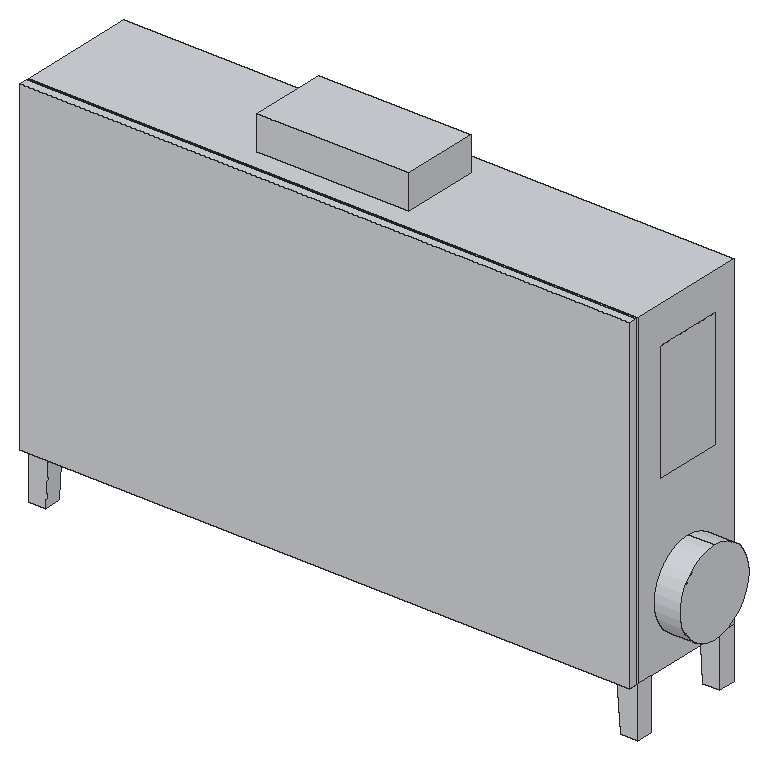
Revit family "AHU 1 _1", category Mechanické zařízení, Revit 2018
Family settings
  Kóta kulaté spojky = Použít průměr
  Typ dílu = Normální
  Číslo OmniClass = 23.75.00.00
  Nadpis OmniClass = Climate Control (HVAC)
  Založené na pracovní rovině = Ne
  Vždy vertikální = Ano
  Ořezat dutým tvarem při načtení = Ne
  Sdílené = Ne
  Bod výpočtu místnosti = Ne
Parameters (values of type "DUPLEXVENT 1000 Multi")
  Width [instance] = 0.384 mm
  Weight [instance] = 114.00 kg
  URL = ""
  Type [instance] = "DUPLEXVENT 1000 Multi"
  Total_SFP [instance] = 0
  Supply_outlet_hum [instance] = 90
  Supply_inlet_hum [instance] = 90
  Supply_ext_pressure [instance] = 0.0 Pa
  Supply_SFP [instance] = 0
  Source_adu_file [instance] = ""
  Recuperation_type [instance] = "Plate heat recovery exchanger"
  Recuperation_efficiency_EN308 [instance] = 0
  Project_name [instance] = ""
  Project_date [instance] = "9.8.2023"
  Power_supply_fusing [instance] = "0"
  Power_supply_cable [instance] = "0"
  Position [instance] = "AHU 1 "
  Phases_count [instance] = 1
  Panel_thickness [instance] = 0.06 mm
  Outer_surface [instance] = "RAL 9002"
  Length [instance] = 1.8 mm
  Insulation_type [instance] = "PUR"
  Insulation_thickness [instance] = 0.05 mm
  Installation_environment [instance] = ""
  Input_power_max [instance] = 770 W
  Inner_surface [instance] = "Pozink"
  I2 [instance] = I1  # 0.0 L/s
  Height [instance] = 0.97 mm
  Exhaust_outlet_hum [instance] = 40
  Exhaust_inlet_hum [instance] = 40
  Exhaust_ext_pressure [instance] = 0.0 Pa
  Exhaust_SFP [instance] = 0
  E1 [instance] = E2 - M1  # 0.0 L/s
  E2 [instance] = 0.0 L/s
  I1 [instance] = 0.0 L/s
  Description = ""
  M1 [instance] = 0.0 L/s
  Device_dutypoint_version [instance] = "0"
  Device_design_version [instance] = "9"
  Device_adu_id [instance] = "1"
  Current_max [instance] = 5 A
  Casing_mat [instance] = "painted zinc layer"
  Cable type [instance] = "CYKY 3Jx2,5"
Reference planes
  plane 1 "Střed (vpředu/vzadu)": y = 0
  plane 2 "ref": z = 0
  plane 3 "Střed (vlevo/vpravo)": x = 0
Forms (mm)
  Sweep 1, solid
    path origin (0, 0, 0) x (0, 0, 1) y (1, 0, 0)
      loop
        line (0, 0) -> (970, 0)
    profile origin (0, 0, 0) x (1, 0, 0) y (0, 1, 0)
      loop
        line (0, 0) -> (1800, 0) -> (1800, 354) -> (0, 354) -> (0, 0)
  Sweep 2, solid
    path origin (0, 0, 0) x (0, 0, 1) y (1, 0, 0)
      loop
        line (0, 0) -> (970, 0)
    profile origin (0, 0, 0) x (1, 0, 0) y (0, 1, 0)
      loop
        line (0, 0) -> (0, -30) -> (1800, -30) -> (1800, 0) -> (0, 0)
  Sweep 3, solid
    path origin (0, 184, 190) x (0, 0, -1) y (1, 0, 0)
      loop
        line (0, 0) -> (0, -60)
    profile origin (0, 184, 190) x (0, 0, -1) y (0, -1, 0)
      loop
        circle (0, 0) r 125
  Sweep 4, solid
    path origin (1799, 184, 684) x (1, 0, 0) y (0, 1, 0)
      loop
        line (0, 0) -> (1, 0)
    profile origin (1799, 184, 684) x (0, 1, 0) y (0, 0, 1)
      loop
        line (-100, 175) -> (-100, -175) -> (100, -175) -> (100, 175) -> (-100, 175)
  Sweep 5, solid
    path origin (1800, 184, 190) x (0, 0, -1) y (1, 0, 0)
      loop
        line (0, 0) -> (0, 80)
    profile origin (1800, 184, 190) x (0, 0, 1) y (0, -1, 0)
      loop
        circle (0, 0) r 125
  Sweep 6, solid
    path origin (1, 184, 664) x (0, 1, 0) y (-1, 0, 0)
      loop
        line (0, 0) -> (0, 1)
    profile origin (1, 184, 664) x (0, -1, 0) y (0, 0, 1)
      loop
        line (-100, -175) -> (100, -175) -> (100, 175) -> (-100, 175) -> (-100, -175)
  Sweep 7, solid
    path origin (537, 308, 0) x (0, -1, 0) y (0, 0, 1)
      loop
        line (0, 0) -> (0, -50)
    profile origin (537, 308, 0) x (-1, 0, 0) y (0, -1, 0)
      loop
        circle (0, 0) r 16
  Sweep 8, solid
    path origin (0, 0, 0) x (0, 0, 1) y (1, 0, 0)
      loop
        line (0, 0) -> (970, 0)
    profile origin (0, 0, 0) x (1, 0, 0) y (0, 1, 0)
      loop
        line (0, -30) -> (1800, -30) -> (1800, -5) -> (0, -5) -> (0, -30)
  Sweep 9, solid
    path origin (25, 50, 0) x (1, 0, 0) y (0, 1, 0)
      loop
        line (0, 0) -> (0, -50)
    profile origin (25, 50, 0) x (1, 0, 0) y (0, 0, 1)
      loop
        line (-25, 0) -> (-25, -150) -> (25, -150) -> (35, 0) -> (-25, 0)
  Sweep 10, solid
    path origin (1775, 50, 0) x (1, 0, 0) y (0, 1, 0)
      loop
        line (0, 0) -> (0, -50)
    profile origin (1775, 50, 0) x (1, 0, 0) y (0, 0, 1)
      loop
        line (-35, 0) -> (-25, -150) -> (25, -150) -> (25, 0) -> (-35, 0)
  Sweep 11, solid
    path origin (25, 354, 0) x (1, 0, 0) y (0, 1, 0)
      loop
        line (0, 0) -> (0, -50)
    profile origin (25, 354, 0) x (1, 0, 0) y (0, 0, 1)
      loop
        line (-25, 0) -> (-25, -150) -> (25, -150) -> (35, 0) -> (-25, 0)
  Sweep 12, solid
    path origin (1775, 354, 0) x (1, 0, 0) y (0, 1, 0)
      loop
        line (0, 0) -> (0, -50)
    profile origin (1775, 354, 0) x (1, 0, 0) y (0, 0, 1)
      loop
        line (-35, 0) -> (-25, -150) -> (25, -150) -> (25, 0) -> (-35, 0)
  Sweep 13, solid
    path origin (0, 0, 970) x (0, 0, 1) y (1, 0, 0)
      loop
        line (0, 0) -> (100, 0)
    profile origin (0, 0, 970) x (1, 0, 0) y (0, 1, 0)
      loop
        line (625, 62) -> (1075, 62) -> (1075, 292) -> (625, 292) -> (625, 62)
  Sweep 14, solid
    path origin (625, 177, 1020) x (0, 0, -1) y (1, 0, 0)
      loop
        line (0, 0) -> (0, -1)
    profile origin (625, 177, 1020) x (0, 0, -1) y (0, -1, 0)
      loop
        circle (0, 0) r 10
Lines and regions (mm)
  model lines, style "Symbol"
    curve 1: line (738, -30, 0) -> (738, -30, 194)
    curve 2: line (738, -30, 970) -> (738, -30, 776)
    curve 3: line (0, -30, 485) -> (447, -30, 485)
    curve 4: line (1800, -30, 485) -> (1029, -30, 485)
    curve 5: line (447, -30, 485) -> (593, -30, 776)
    curve 6: line (593, -30, 776) -> (883, -30, 776)
    curve 7: line (883, -30, 776) -> (1029, -30, 485)
    curve 8: line (1029, -30, 485) -> (883, -30, 194)
    curve 9: line (883, -30, 194) -> (738, -30, 194)
    curve 10: line (738, -30, 194) -> (593, -30, 194)
    curve 11: line (593, -30, 194) -> (447, -30, 485)
    curve 12: line (1587, -30, 797) -> (1742, -30, 770)
    curve 13: line (1587, -30, 658) -> (1742, -30, 685)
    curve 14: line (213, -30, 658) -> (58, -30, 685)
    curve 15: line (213, -30, 797) -> (58, -30, 770)
    curve 16: line (36, -30, 97) -> (36, -30, 388)
    curve 17: line (36, -30, 388) -> (144, -30, 388)
    curve 18: line (144, -30, 388) -> (144, -30, 97)
    curve 19: line (144, -30, 97) -> (36, -30, 97)
    curve 20: line (90, -30, 97) -> (144, -30, 242)
    curve 21: line (90, -30, 388) -> (144, -30, 242)
    curve 22: line (1764, -30, 388) -> (1764, -30, 97)
    curve 23: line (1764, -30, 97) -> (1656, -30, 97)
    curve 24: line (1656, -30, 97) -> (1656, -30, 388)
    curve 25: line (1656, -30, 388) -> (1764, -30, 388)
    curve 26: line (1710, -30, 388) -> (1656, -30, 242)
    curve 27: line (1710, -30, 97) -> (1656, -30, 242)
    curve 28: line (540, -30, 170) -> (408, -30, 429)
    curve 29: line (408, -30, 429) -> (451, -30, 451)
    curve 30: line (451, -30, 451) -> (583, -30, 192)
    curve 31: line (583, -30, 192) -> (540, -30, 170)
    curve 32: line (461, -30, 336) -> (478, -30, 388)
    curve 33: line (513, -30, 232) -> (530, -30, 285)
    curve 34: line (0, -930, 0) -> (0, -30, 0)
    curve 35: line (1800, -930, 0) -> (1800, -30, 0)
    curve 36: line (0, -930, 0) -> (1800, -930, 0)
    curve 37: line (0, -930, 970) -> (0, -30, 970)
    curve 38: line (1800, -930, 970) -> (1800, -30, 970)
    curve 39: line (0, -930, 970) -> (1800, -930, 970)
    curve 40: line (0, -930, 0) -> (0, -930, 970)
    curve 41: line (1800, -930, 0) -> (1800, -930, 970)
    curve 42: line (0, -930, 770) -> (200, -930, 970)
    curve 43: line (0, -930, 570) -> (400, -930, 970)
    curve 44: line (0, -930, 370) -> (600, -930, 970)
    curve 45: line (0, -930, 170) -> (800, -930, 970)
    curve 46: line (30, -930, 0) -> (1000, -930, 970)
    curve 47: line (230, -930, 0) -> (1200, -930, 970)
    curve 48: line (430, -930, 0) -> (1400, -930, 970)
    curve 49: line (630, -930, 0) -> (1600, -930, 970)
    curve 50: line (830, -930, 0) -> (1800, -930, 970)
    curve 51: line (1030, -930, 0) -> (1800, -930, 770)
    curve 52: line (1230, -930, 0) -> (1800, -930, 570)
    curve 53: line (1430, -930, 0) -> (1800, -930, 370)
    curve 54: line (1630, -930, 0) -> (1800, -930, 170)
    curve 55: line (1800, -930, 770) -> (1800, -730, 970)
    curve 56: line (1800, -930, 570) -> (1800, -530, 970)
    curve 57: line (1800, -930, 370) -> (1800, -330, 970)
    curve 58: line (1800, -930, 170) -> (1800, -130, 970)
    curve 59: line (1800, -900, 0) -> (1800, -30, 870)
    curve 60: line (1800, -700, 0) -> (1800, -30, 670)
    curve 61: line (1800, -500, 0) -> (1800, -30, 470)
    curve 62: line (1800, -300, 0) -> (1800, -30, 270)
    curve 63: line (1800, -100, 0) -> (1800, -30, 70)
    curve 64: line (0, -730, 970) -> (200, -930, 970)
    curve 65: line (0, -530, 970) -> (400, -930, 970)
    curve 66: line (0, -330, 970) -> (600, -930, 970)
    curve 67: line (0, -130, 970) -> (800, -930, 970)
    curve 68: line (100, -30, 970) -> (1000, -930, 970)
    curve 69: line (300, -30, 970) -> (1200, -930, 970)
    curve 70: line (500, -30, 970) -> (1400, -930, 970)
    curve 71: line (700, -30, 970) -> (1600, -930, 970)
    curve 72: line (900, -30, 970) -> (1800, -930, 970)
    curve 73: line (1100, -30, 970) -> (1800, -730, 970)
    curve 74: line (1300, -30, 970) -> (1800, -530, 970)
    curve 75: line (1500, -30, 970) -> (1800, -330, 970)
    curve 76: line (1700, -30, 970) -> (1800, -130, 970)
    curve 77: line (0, 0, 1710) -> (0, 0, 970)
    curve 78: line (1800, 0, 1710) -> (1800, 0, 970)
    curve 79: line (0, 0, 1710) -> (1800, 0, 1710)
    curve 80: line (0, 354, 1710) -> (0, 354, 970)
    curve 81: line (1800, 354, 1710) -> (1800, 354, 970)
    curve 82: line (0, 354, 1710) -> (1800, 354, 1710)
    curve 83: line (0, 0, 1710) -> (0, 354, 1710)
    curve 84: line (1800, 0, 1710) -> (1800, 354, 1710)
    curve 85: line (0, 154, 1710) -> (200, 354, 1710)
    curve 86: line (46, 0, 1710) -> (400, 354, 1710)
    curve 87: line (246, 0, 1710) -> (600, 354, 1710)
    curve 88: line (446, 0, 1710) -> (800, 354, 1710)
    curve 89: line (646, 0, 1710) -> (1000, 354, 1710)
    curve 90: line (846, 0, 1710) -> (1200, 354, 1710)
    curve 91: line (1046, 0, 1710) -> (1400, 354, 1710)
    curve 92: line (1246, 0, 1710) -> (1600, 354, 1710)
    curve 93: line (1446, 0, 1710) -> (1800, 354, 1710)
    curve 94: line (1646, 0, 1710) -> (1800, 154, 1710)
    curve 95: line (1800, 154, 1710) -> (1800, 354, 1510)
    curve 96: line (1800, 0, 1664) -> (1800, 354, 1310)
    curve 97: line (1800, 0, 1464) -> (1800, 354, 1110)
    curve 98: line (1800, 0, 1264) -> (1800, 294, 970)
    curve 99: line (1800, 0, 1064) -> (1800, 94, 970)
    curve 100: line (0, 354, 1510) -> (200, 354, 1710)
    curve 101: line (0, 354, 1310) -> (400, 354, 1710)
    curve 102: line (0, 354, 1110) -> (600, 354, 1710)
    curve 103: line (60, 354, 970) -> (800, 354, 1710)
    curve 104: line (260, 354, 970) -> (1000, 354, 1710)
    curve 105: line (460, 354, 970) -> (1200, 354, 1710)
    curve 106: line (660, 354, 970) -> (1400, 354, 1710)
    curve 107: line (860, 354, 970) -> (1600, 354, 1710)
    curve 108: line (1060, 354, 970) -> (1800, 354, 1710)
    curve 109: line (1260, 354, 970) -> (1800, 354, 1510)
    curve 110: line (1460, 354, 970) -> (1800, 354, 1310)
    curve 111: line (1660, 354, 970) -> (1800, 354, 1110)
    curve 112: line (0, 354, -150) -> (0, 354, 0)
    curve 113: line (1800, 354, -150) -> (1800, 354, 0)
    curve 114: line (0, 354, -150) -> (1800, 354, -150)
    curve 115: line (0, 0, -150) -> (0, 0, 0)
    curve 116: line (1800, 0, -150) -> (1800, 0, 0)
    curve 117: line (0, 0, -150) -> (1800, 0, -150)
    curve 118: line (0, 354, -150) -> (0, 0, -150)
    curve 119: line (1800, 354, -150) -> (1800, 0, -150)
    curve 120: line (0, 200, -150) -> (200, 0, -150)
    curve 121: line (46, 354, -150) -> (400, 0, -150)
    curve 122: line (246, 354, -150) -> (600, 0, -150)
    curve 123: line (446, 354, -150) -> (800, 0, -150)
    curve 124: line (646, 354, -150) -> (1000, 0, -150)
    curve 125: line (846, 354, -150) -> (1200, 0, -150)
    curve 126: line (1046, 354, -150) -> (1400, 0, -150)
    curve 127: line (1246, 354, -150) -> (1600, 0, -150)
    curve 128: line (1446, 354, -150) -> (1800, 0, -150)
    curve 129: line (1646, 354, -150) -> (1800, 200, -150)
    curve 130: line (1800, 200, -150) -> (1800, 50, 0)
    curve 131: line (1800, 354, -104) -> (1800, 250, 0)
    curve 132: line (50, 0, 0) -> (200, 0, -150)
    curve 133: line (250, 0, 0) -> (400, 0, -150)
    curve 134: line (450, 0, 0) -> (600, 0, -150)
    curve 135: line (650, 0, 0) -> (800, 0, -150)
    curve 136: line (850, 0, 0) -> (1000, 0, -150)
    curve 137: line (1050, 0, 0) -> (1200, 0, -150)
    curve 138: line (1250, 0, 0) -> (1400, 0, -150)
    curve 139: line (1450, 0, 0) -> (1600, 0, -150)
    curve 140: line (1650, 0, 0) -> (1800, 0, -150)
    curve 141: line (0, -30, 0) -> (0, -30, 970)
    curve 142: line (0, -30, 970) -> (860, -30, 970)
    curve 143: line (860, -30, 970) -> (860, -30, 0)
    curve 144: line (860, -30, 0) -> (0, -30, 0)
    curve 145: line (940, -30, 0) -> (940, -30, 970)
    curve 146: line (940, -30, 970) -> (1800, -30, 970)
    curve 147: line (1800, -30, 970) -> (1800, -30, 0)
    curve 148: line (1800, -30, 0) -> (940, -30, 0)
    curve 149: line (0, -30, 0) -> (1800, -30, 0)
    curve 150: line (0, -30, 970) -> (1800, -30, 970)
    curve 151: line (0, -30, 0) -> (0, -30, 970)
    curve 152: line (1800, -30, 0) -> (1800, -30, 970)
    curve 153: line (0, -30, 0) -> (0, -5, 0)
    curve 154: line (1800, -30, 0) -> (1800, -5, 0)
    curve 155: line (0, -30, 970) -> (0, -5, 970)
    curve 156: line (1800, -30, 970) -> (1800, -5, 970)
    curve 157: circle (1655, -30, 728) r 97 normal (0, -1, 0)
    curve 158: circle (145, -30, 728) r 97 normal (0, -1, 0)
    curve 159: circle (469, -30, 362) r 7 normal (0, -1, 0)
    curve 160: circle (522, -30, 259) r 7 normal (0, -1, 0)
Dimensions and locks
  aligned and locked: level to plane 2 "ref"
Connectors
  hvac at (-60, 184, 190), driven by "E1"
    settings: on Sweep 3, index 1, duct flow 0.0 L/s, flow factor 0, pres drop 0.0 Pa, loss coef 0, conn angle 0.00°, conn width 304.8 mm, conn height 304.8 mm, conn diameter 250 mm, duct sys type 1, conn prof type 0, flow config 1, flow direction 1, loss method 0, conn ref index -1, conn util no, is conn primary yes, conn desc ""
  hvac at (1800, 184, 684), driven by "E2"
    settings: on Sweep 4, index 2, duct flow 0.0 L/s, flow factor 1, pres drop 0.0 Pa, loss coef 0, conn angle 0.00°, conn width 200 mm, conn height 350 mm, conn diameter 609.6 mm, duct sys type 1, conn prof type 1, flow config 2, flow direction 2, loss method 0, conn ref index -1, conn util no, is conn primary no, conn desc ""
  hvac at (1880, 184, 190), driven by "I1"
    settings: on Sweep 5, index 3, duct flow 0.0 L/s, flow factor 1, pres drop 0.0 Pa, loss coef 0, conn angle 0.00°, conn width 304.8 mm, conn height 304.8 mm, conn diameter 250 mm, duct sys type 3, conn prof type 0, flow config 2, flow direction 1, loss method 0, conn ref index -1, conn util no, is conn primary no, conn desc ""
  hvac at (0, 184, 664), driven by "I2"
    settings: on Sweep 6, index 4, duct flow 0.0 L/s, flow factor 0, pres drop 0.0 Pa, loss coef 0, conn angle 0.00°, conn width 200 mm, conn height 350 mm, conn diameter 609.6 mm, duct sys type 3, conn prof type 1, flow config 1, flow direction 2, loss method 0, conn ref index -1, conn util no, is conn primary no, conn desc ""
  piping at (537, 308, -50), diameter 22
    settings: on Sweep 7, index 5, connector inside diameter 609.6 mm, connector length 0 mm, flow factor 0, pipe flow 0.0 L/s, pressure drop 0.0 Pa, fitting loss kfactor 0, connector angle 0.00°, fixture units 0, engagement length 0 mm, angle of deflection 0.00°, flow configuration 1, flow direction 2, fitting loss method 0, system type 16, joint type 0, gender type 0, connector reference index -1, connector utility 0, adjustable connector no, is connector primary yes, connector description ""
  electrical at (624, 177, 1020)
    settings: on Sweep 14, index 6, voltage 230 V, apparent load 0 VA, apparent load phase1 0 VA, apparent load phase2 0 VA, apparent load phase3 0 VA, power factor 1, load classification "Další", number of poles 1, system type 31, power factor state 1, is connector primary yes, connector utility no, sub classification motor no, connector description ""
